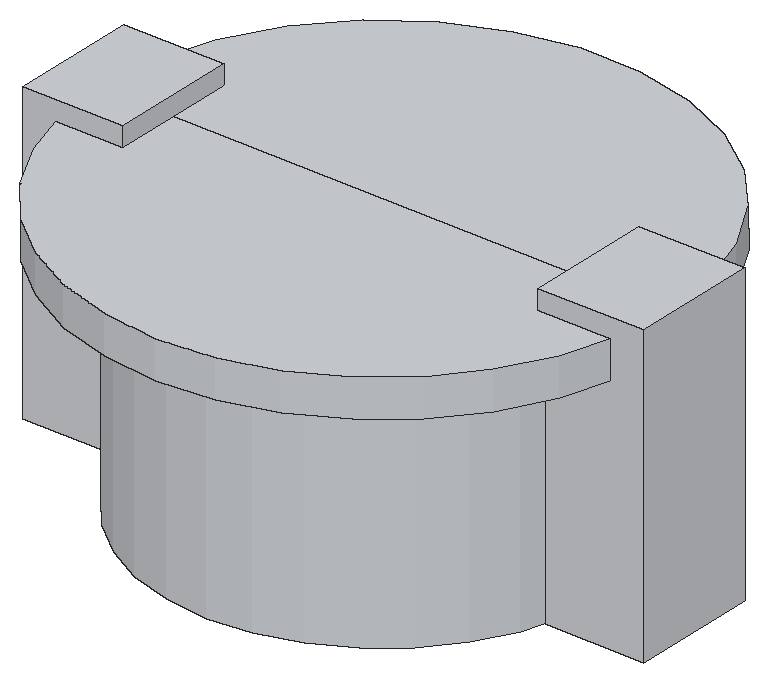
Revit family "0032002-3", category Lighting Fixtures, host Face, Revit 2017
Family settings
  Host = Face
  Round Connector Dimension = Use Diameter
  Part Type = Normal
  OmniClass Number = 23.80.70.00
  OmniClass Title = Lighting
  Cut with Voids When Loaded = No
  Light Source = Yes
  Shared = No
  Room Calculation Point = No
Parameters (values of type "0032002 ST E EM SPOT MT NM 3H OPEN  AREA")
  Weight = "5.4 kg"
  Wattage Comments = ""
  Wattage = 1.3 W
  WarrantyStartDate [instance] = "n/a"
  WarrantyGuarantorParts = "n/a"
  WarrantyDurationUnit = "n/a"
  WarrantyDurationParts = "n/a"
  WarrantyDescription = "n/a"
  built-in parameter 1150110 = 1 (stored number, unit not read)
  Voltage = 0 V
  URL = "http://www.sylvania-lighting.com"
  TypeName = "START eco Emergency Spot MT NM 3h Open Area"
  Type Image = <None>
  Type Comments = "n/a"
  built-in parameter 1114217 = 1 (stored number, unit not read)
  Tilt Angle = -90.00°
  built-in parameter 1150109 = 1 (stored number, unit not read)
  built-in parameter 1150134 = 2
  built-in parameter 1150113 = 1 (stored number, unit not read)
  SerialNumber [instance] = "n/a"
  Photometric Web File = "0032002.ies"
  Material_3_SYL = none
  PowerFactor = 0.4
  PowerConsumption = "1.3 W"
  NominalLength = 150 mm
  NominalHeight = 45 mm
  NominalDepth = 45 mm
  Name = "START eco Emergency Spot MT NM 3h Open Area"
  ModelReference = Name  # "START eco Emergency Spot MT NM 3h Open Area"
  ModelNumber = "0032002"
  Model = Name  # "START eco Emergency Spot MT NM 3h Open Area"
  Material = "pc polycarbonate housing"
  ManufacturerName = "Feilo Sylvania"
  Manufacturer = "Feilo Sylvania"
  LuminousEfficacy = "130.7 lm/W"
  built-in parameter 1150105 = 62.971 (stored number, unit not read)
  Lumens = 170 lm
  LuminaireType = ""
  built-in parameter 1150115 = 1 (stored number, unit not read)
  LightOutputRatio = "n/a"
  built-in parameter 1150137 = (empty or 0)
  built-in parameter 1150139 = (empty or 0)
  LampsType = Lamp  # "LED"
  LampNominalLuminous = "170 lm"
  LampMacAdamStep = "n/a"
  LampColourTemperature = "5000 K"
  LampColourRenderingIndex = "70"
  built-in parameter 1150112 = 1 (stored number, unit not read)
  built-in parameter 1150114 = 1 (stored number, unit not read)
  Lamp = "LED"
  Keynote = "16500"
  InstallationDate [instance] = "n/a"
  InputVoltage = "n/a"
  InputNominalFrequency = "n/a"
  built-in parameter 1150132 = (empty or 0)
  built-in parameter 1150102 = (empty or 0)
  built-in parameter 1150107 = 5000 (stored number, unit not read)
  built-in parameter 1150138 = (empty or 0)
  IngressProtection = "IP20"
  ImpactProtectionIndex = "IK02"
  built-in parameter 1150106 = 0.62971 (stored number, unit not read)
  IfcExportType = "IfcLightFixtureType"
  IfcExportAs = "IfcLightFixtureType"
  Emit from Circle Diameter = 609.6 mm
  Emit Shape Visible in Rendering = no
  ElectricShockClassification = "Class II"
  built-in parameter 1150104 = 12.149 (stored number, unit not read)
  DocumentationLiterature = "http://www.sylvania-lighting.com/product/en-int/products/0032002"
  DimmingControlOptions = "n/a"
  Material_2_SYL = none
  Dimming Lamp Color Temperature Shift = <None>
  Description = "Recessed Spot Light used for Emergency application"
  Default Elevation = 1219.2 mm
  CreatedOn = "12/10/2020"
  CreatedBy = "@sylvania-lighting.com"
  Cost = 0
  Color Filter = 16777215
  built-in parameter 1114216 [instance] = (empty or 0)
  ClassificationValue = "EF_70_80"
  ClassificationName = "Uniclass2015"
  Material_1_SYL = none
  BarCode [instance] = "n/a"
  built-in parameter 1114218 = 1 (stored number, unit not read)
  built-in parameter 1150133 = 10 (stored number, unit not read)
  AssetType = "Fixed"
  AssetIdentifier [instance] = "n/a"
  Assembly Code = "D5020200"
  Apparent Load = 1.3 VA
  Material_4_SYL = none
Types (2, lengths in mm): name | TypeName | Photometric Web File | Name | ModelReference | ModelNumber | Model | Material | built-in parameter 1150105 | built-in parameter 1150106 | DocumentationLiterature | Description
  0032002 ST E EM SPOT MT NM 3H OPEN  AREA | "START eco Emergency Spot MT NM 3h Open Area" | "0032002.ies" | "START eco Emergency Spot MT NM 3h Open Area" | "START eco Emergency Spot MT NM 3h Open Area" | "0032002" | "START eco Emergency Spot MT NM 3h Open Area" | "pc polycarbonate housing" | 62.971 (stored number, unit not read) | 0.62971 (stored number, unit not read) | "http://www.sylvania-lighting.com/product/en-int/products/0032002" | "Recessed Spot Light used for Emergency application"
  0032003 ST E EM SPOT MT NM 3H CORRIDOR | "START eco Emergency Spot MT NM 3h Corridor" | "0032003.ies" | "START eco Emergency Spot MT NM 3h Corridor" | "START eco Emergency Spot MT NM 3h Corridor" | "0032003" | "START eco Emergency Spot MT NM 3h Corridor" | "pc polycarbonate housing, pc polycarbonate diffuser" | 112.16 (stored number, unit not read) | 1.1216 (stored number, unit not read) | "http://www.sylvania-lighting.com/product/en-int/products/0032003" | "Recessed Spot Light used for Emergency application Narrow beam for corridor application"
Reference planes
  plane 1 "Center (Front/Back)": y = 0
  plane 2: z = 0
  plane 3 "Center (Left/Right)": x = 0
  plane 4: x = 17.5
  plane 5: x = -17.5
  plane 6: x = -22.5
  plane 7: x = 22.5
  plane 8: z = -22
  plane 9: z = -3
  plane 10: x = -24.5
  plane 11: x = 24.5
  plane 12: y = 5
  plane 13: y = -5
  plane 14: x = -16.652
  plane 15: x = 16.161
Forms (mm)
  Revolve 1, solid
    sketch origin (0, 0, 0) x (1, 0, 0) y (0, 0, 1)
      loop
        line (0, 0) -> (0, -22) -> (17.5, -22) -> (17.5, -3) -> (22.5, -3) -> (22.5, 0) -> (0, 0)
      axis (0, -22) -> (0, 0)
    angle from 360 to 0
  Extrusion 2, solid
    sketch origin (0, 0, 0) x (1, 0, 0) y (0, 1, 0)
      loop
        line (-24.5, 5) -> (-24.5, -5) -> (-16.652, -5) -> (-16.652, 5) -> (-24.5, 5)
      loop
        line (24.5, 5) -> (16.161, 5) -> (16.161, -5) -> (24.5, -5) -> (24.5, 5)
    from -22 to 1.5
Dimensions and locks
  aligned and locked: plane 2 to host face
  aligned and locked: level to host face
  aligned and locked: plane 12 to Extrusion 2 sketch curve
  aligned and locked: plane 10 to Extrusion 2 sketch curve
  aligned and locked: Extrusion 2 sketch curve to plane 13
  aligned and locked: Extrusion 2 sketch curve to plane 14
  aligned and locked: Extrusion 2 sketch curve to plane 12
  aligned and locked: plane 11 to Extrusion 2 sketch curve
  aligned and locked: plane 13 to Extrusion 2 sketch curve
  aligned and locked: Extrusion 2 sketch curve to plane 15
  aligned and locked: Extrusion 2 to Revolve 1
Connectors
  electrical at (0, 0, 0), driven by "Apparent Load", driven by "PowerFactor", driven by "Voltage"
    settings: index 1, voltage 0 V, apparent load 1.3 VA, apparent load phase1 0 VA, apparent load phase2 0 VA, apparent load phase3 0 VA, power factor 0.4, load classification "Lighting", number of poles 1, system type 30, power factor state 1, is connector primary yes, connector utility no, sub classification motor no, connector description ""
